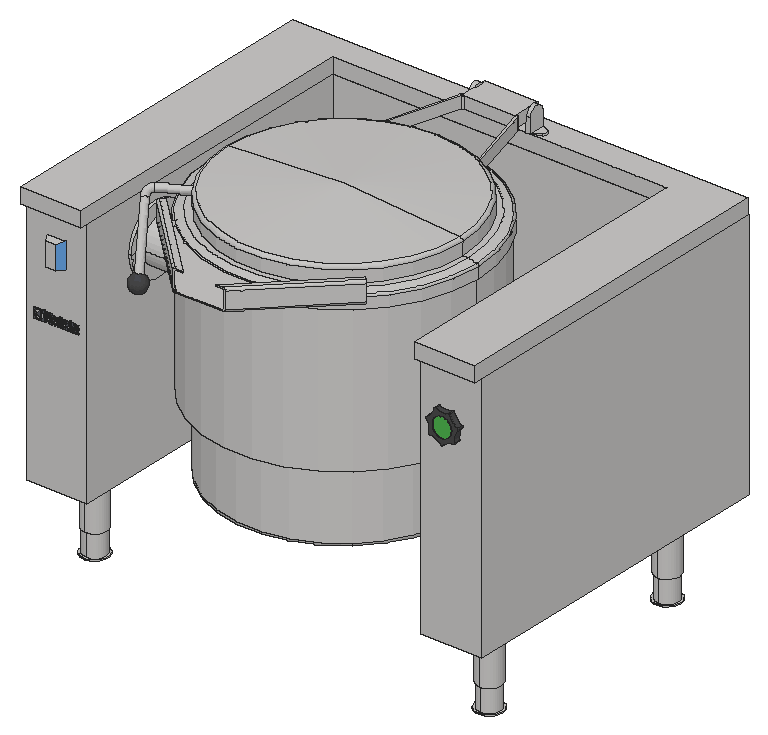
Revit family "QF_ELECTROLUXPROFESSIONAL_587188_PBOT10TCJO", category Attrezzature speciali, Revit 2020 (continued)
Definition of nested family "QF_ELECTROLUXPROFESSIONAL_PBOTSNB900_LEFT"
  Automatic sketch dimensions
    Extrusion 4 sketch curve to Extrusion 4 sketch curve = 1.476 mm  (x2)
    Extrusion 4 sketch curve to Extrusion 4 sketch curve = 1.469 mm  (x2)
    Extrusion 4 sketch curve to Extrusion 4 sketch curve = 3.728 mm
    Extrusion 4 sketch curve to Extrusion 4 sketch curve = 0.046 mm
    Extrusion 4 sketch curve to Extrusion 4 sketch curve = 0.177 mm
    Extrusion 4 sketch curve to Extrusion 4 sketch curve = 0.947 mm
    Extrusion 4 sketch curve to Extrusion 4 sketch curve = 0.308 mm
    Extrusion 4 sketch curve to Extrusion 4 sketch curve = 0.091 mm
    Extrusion 4 sketch curve to Extrusion 4 sketch curve = 2.375 mm
    Extrusion 4 sketch curve to Extrusion 4 sketch curve = 0.94 mm
    Extrusion 4 sketch curve to Extrusion 4 sketch curve = 0.54 mm
    Extrusion 4 sketch curve to Extrusion 4 sketch curve = 0.102 mm
    Extrusion 4 sketch curve to Extrusion 4 sketch curve = 0.002 mm  (x4)
    Extrusion 4 sketch curve to Extrusion 4 sketch curve = 0.105 mm
    Extrusion 4 sketch curve to Extrusion 4 sketch curve = 0.097 mm
    Extrusion 4 sketch curve to plane 3 "Center (Left/Right)" = 0.241 mm
    Extrusion 4 sketch curve to plane 3 "Center (Left/Right)" = 0.412 mm
    Extrusion 4 sketch curve to plane 3 "Center (Left/Right)" = 2.074 mm
    Extrusion 4 sketch curve to Extrusion 4 sketch curve = 1.777 mm
    Extrusion 4 sketch curve to plane 3 "Center (Left/Right)" = 2.704 mm
    Extrusion 4 sketch curve to Extrusion 4 sketch curve = 1.001 mm
    Extrusion 4 sketch curve to Extrusion 4 sketch curve = 1.393 mm  (x2)
    Extrusion 4 sketch curve to Extrusion 4 sketch curve = 2.363 mm
    Extrusion 4 sketch curve to Extrusion 4 sketch curve = 2.253 mm
    Extrusion 4 sketch curve to Extrusion 4 sketch curve = 0.014 mm  (x4)
    Extrusion 4 sketch curve to Extrusion 4 sketch curve = 0.172 mm
    Extrusion 4 sketch curve to Extrusion 4 sketch curve = 0.096 mm
    Extrusion 4 sketch curve to Extrusion 4 sketch curve = 0.164 mm
    Extrusion 4 sketch curve to Extrusion 4 sketch curve = 0.298 mm
    Extrusion 4 sketch curve to Extrusion 4 sketch curve = 0.247 mm
    Extrusion 4 sketch curve to Extrusion 4 sketch curve = 0.084 mm
    Extrusion 4 sketch curve to Extrusion 4 sketch curve = 6.484 mm
    Extrusion 4 sketch curve to Extrusion 4 sketch curve = 2.596 mm
    Extrusion 4 sketch curve to Extrusion 4 sketch curve = 0.059 mm  (x2)
    Extrusion 4 sketch curve to Extrusion 4 sketch curve = 3.889 mm
    Extrusion 4 sketch curve to Extrusion 4 sketch curve = 6.029 mm
    Extrusion 4 sketch curve to Extrusion 4 sketch curve = 0.929 mm
    Extrusion 4 sketch curve to Extrusion 4 sketch curve = 1.102 mm
    Extrusion 4 sketch curve to Extrusion 4 sketch curve = 0.756 mm  (x2)
    Extrusion 4 sketch curve to Extrusion 4 sketch curve = 0.852 mm
    Extrusion 4 sketch curve to Extrusion 4 sketch curve = 0.108 mm
    Extrusion 4 sketch curve to Extrusion 4 sketch curve = 0.101 mm
    Extrusion 4 sketch curve to Extrusion 4 sketch curve = 0.072 mm
    Extrusion 4 sketch curve to Extrusion 4 sketch curve = 1.67 mm
    Extrusion 4 sketch curve to Extrusion 4 sketch curve = 1.834 mm
    Extrusion 4 sketch curve to Extrusion 4 sketch curve = 0.366 mm
    Extrusion 4 sketch curve to Extrusion 4 sketch curve = 0.993 mm
    Extrusion 4 sketch curve to Extrusion 4 sketch curve = 0.81 mm
    Extrusion 4 sketch curve to Extrusion 4 sketch curve = 1.026 mm  (x2)
    Extrusion 4 sketch curve to Extrusion 4 sketch curve = 4.272 mm
    Extrusion 4 sketch curve to Extrusion 4 sketch curve = 0.163 mm
    Extrusion 4 sketch curve to Extrusion 4 sketch curve = 0.551 mm
    plane 14 to Extrusion 4 sketch curve = 6.023 mm
    Extrusion 4 sketch curve to Extrusion 4 sketch curve = 1.451 mm
    plane 14 to Extrusion 4 sketch curve = 5.28 mm
    Extrusion 4 sketch curve to Extrusion 4 sketch curve = 0.045 mm  (x2)
    Extrusion 4 sketch curve to Extrusion 4 sketch curve = 0.241 mm
    Extrusion 4 sketch curve to Extrusion 4 sketch curve = 0.039 mm
    Extrusion 4 sketch curve to Extrusion 4 sketch curve = 1.134 mm
    Extrusion 4 sketch curve to Extrusion 4 sketch curve = 2.351 mm
    Extrusion 4 sketch curve to plane 14 = 0.874 mm
    Extrusion 4 sketch curve to Extrusion 4 sketch curve = 10.128 mm
    Extrusion 4 sketch curve to Extrusion 4 sketch curve = 0.956 mm
    Extrusion 4 sketch curve to Extrusion 4 sketch curve = 1.263 mm
    Extrusion 4 sketch curve to Extrusion 4 sketch curve = 2.577 mm
    Extrusion 4 sketch curve to Extrusion 4 sketch curve = 0.243 mm
    Extrusion 4 sketch curve to Extrusion 4 sketch curve = 0.031 mm
    Extrusion 4 sketch curve to Extrusion 4 sketch curve = 7.148 mm
    Extrusion 4 sketch curve to Extrusion 4 sketch curve = 1.502 mm
    Extrusion 4 sketch curve to Extrusion 4 sketch curve = 11.54 mm
    Extrusion 4 sketch curve to Extrusion 4 sketch curve = 11.758 mm
    Extrusion 4 sketch curve to Extrusion 4 sketch curve = 4.097 mm
    Extrusion 4 sketch curve to Extrusion 4 sketch curve = 0.011 mm
    Extrusion 4 sketch curve to Extrusion 4 sketch curve = 4.488 mm
    plane 18 "CHW" to Extrusion 4 sketch curve = 191.223 mm
    Extrusion 4 sketch curve to Extrusion 4 sketch curve = 3.444 mm  (x2)
    Extrusion 4 sketch curve to Extrusion 4 sketch curve = 3.777 mm
    Extrusion 4 sketch curve to Extrusion 4 sketch curve = 1.093 mm
    Extrusion 4 sketch curve to Extrusion 4 sketch curve = 1.192 mm
    Extrusion 4 sketch curve to Extrusion 4 sketch curve = 0.319 mm
    Extrusion 4 sketch curve to Extrusion 4 sketch curve = 5.798 mm
    Extrusion 4 sketch curve to Extrusion 4 sketch curve = 2.021 mm
    Extrusion 4 sketch curve to Extrusion 4 sketch curve = 2.357 mm  (x3)
    Extrusion 4 sketch curve to Extrusion 4 sketch curve = 0.892 mm  (x3)
    Extrusion 4 sketch curve to Extrusion 4 sketch curve = 1.018 mm
    Extrusion 4 sketch curve to Extrusion 4 sketch curve = 3.382 mm  (x2)
    Extrusion 4 sketch curve to Extrusion 4 sketch curve = 2.117 mm
    Extrusion 4 sketch curve to Extrusion 4 sketch curve = 0.195 mm  (x2)
    Extrusion 4 sketch curve to Extrusion 4 sketch curve = 0.295 mm  (x2)
    Extrusion 4 sketch curve to Extrusion 4 sketch curve = 0.618 mm
    Extrusion 4 sketch curve to Extrusion 4 sketch curve = 0.385 mm  (x2)
    Extrusion 4 sketch curve to Extrusion 4 sketch curve = 1.626 mm  (x2)
    Extrusion 4 sketch curve to Extrusion 4 sketch curve = 1.65 mm
    Extrusion 4 sketch curve to Extrusion 4 sketch curve = 1.662 mm
    Extrusion 4 sketch curve to Extrusion 4 sketch curve = 0.013 mm  (x2)
    Extrusion 4 sketch curve to Extrusion 4 sketch curve = 0.292 mm
    Extrusion 4 sketch curve to Extrusion 4 sketch curve = 0.107 mm  (x2)
    Extrusion 4 sketch curve to Extrusion 4 sketch curve = 0.068 mm  (x2)
    Extrusion 4 sketch curve to Extrusion 4 sketch curve = 0.968 mm
    Extrusion 4 sketch curve to Extrusion 4 sketch curve = 0.365 mm
    Extrusion 4 sketch curve to Extrusion 4 sketch curve = 2.361 mm
    Extrusion 4 sketch curve to Extrusion 4 sketch curve = 2.359 mm
    Extrusion 4 sketch curve to Extrusion 4 sketch curve = 0.531 mm  (x2)
    Extrusion 4 sketch curve to Extrusion 4 sketch curve = 0.928 mm  (x2)
    Extrusion 4 sketch curve to Extrusion 4 sketch curve = 1.058 mm
    Extrusion 4 sketch curve to Extrusion 4 sketch curve = 0.297 mm  (x2)
    Extrusion 4 sketch curve to Extrusion 4 sketch curve = 0.155 mm  (x2)
    Extrusion 4 sketch curve to Extrusion 4 sketch curve = 1.305 mm
    Extrusion 4 sketch curve to Extrusion 4 sketch curve = 1.037 mm
    Extrusion 4 sketch curve to Extrusion 4 sketch curve = 0.182 mm  (x2)
    Extrusion 4 sketch curve to Extrusion 4 sketch curve = 0.607 mm  (x2)
    Extrusion 4 sketch curve to Extrusion 4 sketch curve = 0.304 mm  (x2)
    Extrusion 4 sketch curve to Extrusion 4 sketch curve = 0.372 mm  (x2)
    Extrusion 4 sketch curve to Extrusion 4 sketch curve = 0.016 mm  (x2)
    Extrusion 4 sketch curve to Extrusion 4 sketch curve = 0.996 mm
    Extrusion 4 sketch curve to Extrusion 4 sketch curve = 0.93 mm
    Extrusion 4 sketch curve to Extrusion 4 sketch curve = 0.709 mm  (x2)
    Extrusion 4 sketch curve to Extrusion 4 sketch curve = 1.752 mm
    Extrusion 4 sketch curve to Extrusion 4 sketch curve = 1.017 mm
    Extrusion 4 sketch curve to Extrusion 4 sketch curve = 4.718 mm
    Extrusion 4 sketch curve to Extrusion 4 sketch curve = 0.891 mm
    Extrusion 4 sketch curve to Extrusion 4 sketch curve = 3.826 mm
    Extrusion 4 sketch curve to Extrusion 4 sketch curve = 1.696 mm
    Extrusion 4 sketch curve to Extrusion 4 sketch curve = 0.954 mm
    Extrusion 4 sketch curve to Extrusion 4 sketch curve = 5.576 mm
    Extrusion 4 sketch curve to Extrusion 4 sketch curve = 5.657 mm  (x2)
    Extrusion 4 sketch curve to Extrusion 4 sketch curve = 5.661 mm  (x2)
    Extrusion 4 sketch curve to Extrusion 4 sketch curve = 0.006 mm
    Extrusion 4 sketch curve to Extrusion 4 sketch curve = 1.499 mm
    Extrusion 4 sketch curve to Extrusion 4 sketch curve = 7.186 mm
    Extrusion 4 sketch curve to Extrusion 4 sketch curve = 2.203 mm
    Extrusion 4 sketch curve to Extrusion 4 sketch curve = 2.21 mm
    Extrusion 4 sketch curve to Extrusion 4 sketch curve = 1.607 mm
    Extrusion 4 sketch curve to Extrusion 4 sketch curve = 3.479 mm
    Extrusion 4 sketch curve to Extrusion 4 sketch curve = 3.92 mm
    Extrusion 4 sketch curve to Extrusion 4 sketch curve = 0.05 mm
    Extrusion 4 sketch curve to Extrusion 4 sketch curve = 1.776 mm
    Extrusion 4 sketch curve to Extrusion 4 sketch curve = 4.017 mm
    Extrusion 4 sketch curve to Extrusion 4 sketch curve = 0.196 mm  (x2)
    Extrusion 4 sketch curve to Extrusion 4 sketch curve = 0.19 mm
    Extrusion 4 sketch curve to Extrusion 4 sketch curve = 1.312 mm
    Extrusion 4 sketch curve to Extrusion 4 sketch curve = 0.146 mm
    Extrusion 4 sketch curve to Extrusion 4 sketch curve = 2.831 mm
    Extrusion 4 sketch curve to Extrusion 4 sketch curve = 0.387 mm
    Extrusion 4 sketch curve to Extrusion 4 sketch curve = 0.174 mm
    Extrusion 4 sketch curve to Extrusion 4 sketch curve = 4.623 mm
    Extrusion 4 sketch curve to Extrusion 4 sketch curve = 1.754 mm
    Extrusion 4 sketch curve to Extrusion 4 sketch curve = 0.188 mm
    Extrusion 4 sketch curve to Extrusion 4 sketch curve = 0.02 mm
    Extrusion 4 sketch curve to Extrusion 4 sketch curve = 0.313 mm
    Extrusion 4 sketch curve to Extrusion 4 sketch curve = 0.12 mm
    Extrusion 4 sketch curve to Extrusion 4 sketch curve = 0.062 mm
    Extrusion 4 sketch curve to Extrusion 4 sketch curve = 0.568 mm
    Extrusion 4 sketch curve to Extrusion 4 sketch curve = 1.763 mm
    Extrusion 4 sketch curve to Extrusion 4 sketch curve = 0.095 mm
    Extrusion 4 sketch curve to Extrusion 4 sketch curve = 1.817 mm
    Extrusion 4 sketch curve to Extrusion 4 sketch curve = 0.357 mm
    Extrusion 4 sketch curve to Extrusion 4 sketch curve = 0.008 mm
    Extrusion 4 sketch curve to Extrusion 4 sketch curve = 0.36 mm
    Extrusion 4 sketch curve to Extrusion 4 sketch curve = 3.784 mm
    Extrusion 4 sketch curve to Extrusion 4 sketch curve = 1.654 mm
    Extrusion 4 sketch curve to Extrusion 4 sketch curve = 1.454 mm
    Extrusion 4 sketch curve to Extrusion 4 sketch curve = 1.705 mm
    Extrusion 4 sketch curve to Extrusion 4 sketch curve = 1.893 mm
    Extrusion 4 sketch curve to Extrusion 4 sketch curve = 3.429 mm
    Extrusion 4 sketch curve to Extrusion 4 sketch curve = 1.094 mm
    Extrusion 4 sketch curve to Extrusion 4 sketch curve = 2.218 mm
    Extrusion 4 sketch curve to Extrusion 4 sketch curve = 1.404 mm
    Extrusion 4 sketch curve to Extrusion 4 sketch curve = 5.763 mm
    Extrusion 4 sketch curve to Extrusion 4 sketch curve = 2.932 mm  (x2)
    Extrusion 4 sketch curve to Extrusion 4 sketch curve = 5.959 mm
    Extrusion 4 sketch curve to Extrusion 4 sketch curve = 1.424 mm
    Extrusion 4 sketch curve to Extrusion 4 sketch curve = 3.23 mm
    Extrusion 4 sketch curve to Extrusion 4 sketch curve = 1.975 mm
    Extrusion 4 sketch curve to Extrusion 4 sketch curve = 3.779 mm
    Extrusion 4 sketch curve to Extrusion 4 sketch curve = 2.212 mm
    Extrusion 4 sketch curve to Extrusion 4 sketch curve = 3.78 mm
    Extrusion 4 sketch curve to Extrusion 4 sketch curve = 1.279 mm
    Extrusion 4 sketch curve to Extrusion 4 sketch curve = 1.343 mm  (x2)
    Extrusion 4 sketch curve to Extrusion 4 sketch curve = 1.353 mm  (x2)
    Extrusion 4 sketch curve to Extrusion 4 sketch curve = 0.027 mm  (x2)
    Extrusion 4 sketch curve to Extrusion 4 sketch curve = 0.395 mm  (x2)
    Extrusion 4 sketch curve to Extrusion 4 sketch curve = 0.329 mm  (x2)
    Extrusion 4 sketch curve to Extrusion 4 sketch curve = 0.425 mm  (x2)
    Extrusion 4 sketch curve to Extrusion 4 sketch curve = 0.051 mm  (x2)
    Extrusion 4 sketch curve to Extrusion 4 sketch curve = 0.495 mm  (x2)
    Extrusion 4 sketch curve to Extrusion 4 sketch curve = 0.267 mm  (x2)
    Extrusion 4 sketch curve to Extrusion 4 sketch curve = 1.4 mm
    Extrusion 4 sketch curve to Extrusion 4 sketch curve = 5.233 mm
    Extrusion 4 sketch curve to Extrusion 4 sketch curve = 2.062 mm
    Extrusion 5 sketch curve to plane 13 "HW_CW" = 0.0 mm  (x2)
    Extrusion 5 sketch curve to plane 15 = 0.0 mm
    Extrusion 5 sketch curve to plane 14 = 0.0 mm
    Extrusion 6 sketch curve to plane 3 "Center (Left/Right)" = 0.0 mm
    Extrusion 6 sketch curve to plane 16 "SteamO" = 0.0 mm
    Extrusion 7 sketch curve to plane 3 "Center (Left/Right)" = 0.0 mm
    Extrusion 7 sketch curve to plane 17 "STEAM" = 0.0 mm
    radius of Extrusion 2 sketch curve = 6.35 mm  (x2)
    radius of Extrusion 4 sketch curve = 2.453 mm
    radius of Extrusion 4 sketch curve = 1.557 mm
    radius of Extrusion 4 sketch curve = 1.468 mm
    radius of Extrusion 4 sketch curve = 2.451 mm
    radius of Extrusion 5 sketch curve = 5.0 mm  (x2)
    radius of Extrusion 6 sketch curve = 12.7 mm
    radius of Extrusion 7 sketch curve = 12.7 mm
Definition of nested family "QF_ELECTROLUXPROFESSIONAL_PBOTSMAN900_RIGHT"
  Parameters
    Width = 160.0 mm
    Steam_z = 140.0 mm
    Steam_y = 239.0 mm
    Right = Width / 2  # 80.0 mm
    Default Elevation = 0.0 mm
    Left = -Width / 2  # -80.0 mm
    Htop = 40.0 mm
    Height = 900.0 mm
    H_Man = 730.0 mm
    HBase = 200.0 mm
    EI_z = 250.0 mm
    EI_y = 312.0 mm
    Depth = 900.0 mm
    BorderFront = 20.0 mm
    Body Finish [instance] = none
  Reference planes
    plane 1 "Center (Front/Back)": y = 0
    plane 2: z = 0
    plane 3 "Center (Left/Right)": x = 0
    plane 4 "LEFT": x = -80
    plane 5 "RIGHT": x = 80
    plane 6 "BACK": y = 450
    plane 7 "FRONT": y = -450
    plane 8 "Base": z = 200
    plane 9 "TOP": z = 900
    plane 10 "BorderFront": y = -430
    plane 11: z = 860
    plane 12 "EI": z = 450
    plane 13: y = 138
    plane 14 "STEAM_y": y = 211
    plane 15 "Steam_z": z = 340
    plane 16: z = 730
  Forms (mm)
    Extrusion 1, solid
      sketch origin (0, 0, 0) x (1, 0, 0) y (0, 1, 0)
        loop
          line (-80, 450) -> (-80, -430) -> (80, -430) -> (80, 450) -> (-80, 450)
      from 860 to 200
    Extrusion 2, solid
      sketch origin (0, -430, 0) x (-1, 0, 0) y (0, 0, 1)
        loop
          circle (0, 730) r 20
      from 0 to -15
    Extrusion 3, solid
      sketch origin (0, 450, 0) x (-1, 0, 0) y (0, 0, 1)
        loop
          circle (0, 450) r 5
      from 0 to 2
    Extrusion 4, solid
      sketch origin (0, 0, 200) x (0, 1, 0) y (-1, 0, 0)
        loop
          circle (138, 0) r 10
      from 0 to -3
    Extrusion 5, solid
      sketch origin (0, 0, 200) x (0, 1, 0) y (-1, 0, 0)
        loop
          circle (211, 0) r 12.7
      from 0 to -3
    Extrusion 6, solid
      sketch origin (0, 450, 0) x (-1, 0, 0) y (0, 0, 1)
        loop
          circle (0, 340) r 12.7
      from 0 to 3
    Extrusion 7, solid
      sketch origin (0, -430, 0) x (-1, 0, 0) y (0, 0, 1)
        loop
          circle (0, 730) r 25
        loop
          arc (32.154, 702.068) -> (34.039, 703.003) -> (34.542, 705.047) r 2.5
          arc (34.542, 705.047) -> (34.866, 722.153) -> (42.205, 737.608) r 40.622
          arc (42.205, 737.608) -> (42.662, 739.682) -> (41.359, 741.359) r 2.5
          arc (41.359, 741.359) -> (27.929, 752.374) -> (20.328, 767.992) r 40.622
          arc (20.328, 767.992) -> (18.977, 769.659) -> (16.832, 769.665) r 2.5
          arc (16.832, 769.665) -> (-0.034, 765.787) -> (-16.984, 769.281) r 40.622
          arc (-16.984, 769.281) -> (-19.093, 769.244) -> (-20.423, 767.608) r 2.5
          arc (-20.423, 767.608) -> (-28.052, 752.219) -> (-41.359, 741.359) r 40.622
          arc (-41.359, 741.359) -> (-42.662, 739.682) -> (-42.205, 737.608) r 2.5
          arc (-42.205, 737.608) -> (-34.866, 722.153) -> (-34.542, 705.047) r 40.622
          arc (-34.542, 705.047) -> (-34.039, 703.003) -> (-32.154, 702.068) r 2.5
          arc (-32.154, 702.068) -> (-15.447, 697.989) -> (-1.926, 687.362) r 40.622
          arc (-1.926, 687.362) -> (0, 686.456) -> (1.926, 687.362) r 2.5
          arc (1.926, 687.362) -> (15.447, 697.989) -> (32.154, 702.068) r 40.622
      from -15 to -30
    Extrusion 8, solid
      sketch origin (0, -430, 0) x (-1, 0, 0) y (0, 0, 1)
        loop
          circle (0, 730) r 25
      from -30 to -15
  Lines and regions (mm)
    symbolic lines
      curve 1: line (-80, 450, 0) -> (80, 450, 0)
      curve 2: line (80, 450, 0) -> (80, -430, 0)
  Dimensions and locks
    "Width": plane 4 "LEFT" to plane 5 "RIGHT"
    equal spacing: plane 4 "LEFT", plane 3 "Center (Left/Right)", plane 5 "RIGHT"
    equal spacing: plane 6 "BACK", plane 1 "Center (Front/Back)", plane 7 "FRONT"
    "Depth": plane 6 "BACK" to plane 7 "FRONT"
    "BorderFront": plane 10 "BorderFront" to plane 7 "FRONT"
    "Htop": plane 9 "TOP" to plane 11
    "Height": plane 9 "TOP" to level
    "HBase": plane 8 "Base" to level
    "EI_y": plane 6 "BACK" to plane 13
    "EI_z": plane 12 "EI" to plane 8 "Base"
    "Steam_y": plane 6 "BACK" to plane 14 "STEAM_y"
    plane 15 "Steam_z" to plane 8 "Base" = 140.0 mm
    "H_Man": plane 16 to level
    aligned and locked: level to plane 2
    aligned and locked: plane 10 "BorderFront" to Extrusion 1 sketch curve
    aligned and locked: plane 11 to Extrusion 1
    aligned and locked: Extrusion 1 to plane 8 "Base"
    aligned and locked: plane 4 "LEFT" to Extrusion 1 sketch curve
    aligned and locked: Extrusion 1 sketch curve to plane 5 "RIGHT"
    aligned and locked: Extrusion 1 sketch curve to plane 6 "BACK"
  Automatic sketch dimensions
    Extrusion 3 sketch curve to plane 3 "Center (Left/Right)" = 0.0 mm
    Extrusion 3 sketch curve to plane 12 "EI" = 0.0 mm
    curve 1 to plane 4 "LEFT" = 0.0 mm
    curve 1 to plane 5 "RIGHT" = 0.0 mm
    curve 2 to plane 10 "BorderFront" = 0.0 mm
    curve 1 to plane 6 "BACK" = 0.0 mm
    Extrusion 4 sketch curve to plane 3 "Center (Left/Right)" = 0.0 mm
    Extrusion 4 sketch curve to plane 13 = 0.0 mm
    Extrusion 5 sketch curve to plane 3 "Center (Left/Right)" = 0.0 mm
    Extrusion 5 sketch curve to plane 14 "STEAM_y" = 0.0 mm
    Extrusion 6 sketch curve to plane 3 "Center (Left/Right)" = 0.0 mm
    Extrusion 6 sketch curve to plane 15 "Steam_z" = 0.0 mm
    Extrusion 2 sketch curve to plane 3 "Center (Left/Right)" = 0.0 mm
    Extrusion 2 sketch curve to plane 16 = 0.0 mm
    Extrusion 7 sketch curve to plane 3 "Center (Left/Right)" = 0.0 mm  (x2)
    Extrusion 7 sketch curve to plane 16 = 0.0 mm
    plane 3 "Center (Left/Right)" to Extrusion 7 sketch curve = 0.496 mm
    plane 3 "Center (Left/Right)" to Extrusion 7 sketch curve = 17.999 mm
    plane 3 "Center (Left/Right)" to Extrusion 7 sketch curve = 32.088 mm
    plane 3 "Center (Left/Right)" to Extrusion 7 sketch curve = 33.218 mm
    plane 16 to Extrusion 7 sketch curve = 9.132 mm  (x2)
    Extrusion 7 sketch curve to Extrusion 7 sketch curve = 8.135 mm  (x2)
    Extrusion 7 sketch curve to plane 5 "RIGHT" = 20.191 mm
    Extrusion 7 sketch curve to plane 5 "RIGHT" = 5.593 mm
    Extrusion 7 sketch curve to plane 3 "Center (Left/Right)" = 17.898 mm
    Extrusion 7 sketch curve to plane 3 "Center (Left/Right)" = 32.088 mm
    Extrusion 7 sketch curve to plane 3 "Center (Left/Right)" = 33.218 mm
    plane 4 "LEFT" to Extrusion 7 sketch curve = 20.191 mm
    plane 4 "LEFT" to Extrusion 7 sketch curve = 5.593 mm
    Extrusion 7 sketch curve to plane 16 = 17.153 mm  (x2)
    Extrusion 7 sketch curve to plane 16 = 25.433 mm  (x2)
    Extrusion 7 sketch curve to Extrusion 7 sketch curve = 15.61 mm
    Extrusion 7 sketch curve to Extrusion 7 sketch curve = 27.496 mm
    Extrusion 7 sketch curve to Extrusion 7 sketch curve = 27.864 mm
    Extrusion 7 sketch curve to Extrusion 7 sketch curve = 0.408 mm
    Extrusion 7 sketch curve to Extrusion 7 sketch curve = 10.145 mm
    plane 3 "Center (Left/Right)" to Extrusion 7 sketch curve = 1.926 mm
    Extrusion 7 sketch curve to Extrusion 7 sketch curve = 0.0 mm  (x13)
    Extrusion 7 sketch curve to Extrusion 7 sketch curve = 1.015 mm
    Extrusion 7 sketch curve to Extrusion 7 sketch curve = 1.136 mm
    Extrusion 7 sketch curve to Extrusion 7 sketch curve = 1.982 mm
    Extrusion 8 sketch curve to plane 3 "Center (Left/Right)" = 0.0 mm
    Extrusion 8 sketch curve to plane 16 = 0.0 mm
    radius of Extrusion 3 sketch curve = 5.0 mm
    radius of Extrusion 4 sketch curve = 10.0 mm
    radius of Extrusion 5 sketch curve = 12.7 mm
    radius of Extrusion 6 sketch curve = 12.7 mm
    radius of Extrusion 2 sketch curve = 20.0 mm
    radius of Extrusion 7 sketch curve = 25.0 mm
    radius of Extrusion 8 sketch curve = 25.0 mm
Definition of nested family "QF_ELECTROLUXPROFESSIONAL_2FEET_THL_120xH200"
  Parameters
    Width = 120.0 mm
    Right = Width / 2  # 60.0 mm
    Default Elevation = 0.0 mm
    Left = -Width / 2  # -60.0 mm
    Height = 200.0 mm
    HBase = Height - 15.0 mm  # 185.0 mm
    Depth = 880.0 mm
  Reference planes
    plane 1 "Center (Front/Back)": y = 0
    plane 2: z = 0
    plane 3 "Center (Left/Right)": x = 0
    plane 4 "LEFT": x = -60
    plane 5 "RIGHT": x = 60
    plane 6 "BACK": y = 440
    plane 7 "FRONT": y = -440
    plane 8 "Base": z = 185
    plane 9 "TOP": z = 200
    plane 10: y = 283
    plane 11: y = -304
    plane 12: y = 368
    plane 13: y = -388
    plane 14: x = -80
  Forms (mm)
    Extrusion 1, solid
      sketch origin (0, 0, 200) x (0, 1, 0) y (-1, 0, 0)
        loop
          line (368, 60) -> (-388, 60) -> (-388, -60) -> (368, -60) -> (368, 60)
      from 0 to -15
    Revolve 2, solid
      sketch origin (0, 0, 0) x (0, 1, 0) y (0, 0, 1)
        loop
          line (283, 0) -> (318, 0) -> (318, 2) -> (311.179, 2) -> (311.179, 63) -> (314.75, 63) -> (314.75, 185) -> (283, 185) -> (283, 0)
        axis (283, 185) -> (283, 0)
      angle from 0 to 360
    Revolve 3, solid
      sketch origin (0, 0, 0) x (0, 1, 0) y (0, 0, 1)
        loop
          line (-304, 185) -> (-304, 0) -> (-269, 0) -> (-269, 2) -> (-275.821, 2) -> (-275.821, 63) -> (-272.25, 63) -> (-272.25, 185) -> (-304, 185)
        axis (-304, 185) -> (-304, 0)
      angle from 0 to 360
  Dimensions and locks
    "Width": plane 4 "LEFT" to plane 5 "RIGHT"
    equal spacing: plane 4 "LEFT", plane 3 "Center (Left/Right)", plane 5 "RIGHT"
    equal spacing: plane 6 "BACK", plane 1 "Center (Front/Back)", plane 7 "FRONT"
    "Depth": plane 6 "BACK" to plane 7 "FRONT"
    "HBase": plane 8 "Base" to level
    "Height": plane 9 "TOP" to level
    locked: plane 6 "BACK" to plane 10 at 157
    locked: plane 10 to plane 11 at 587
    plane 6 "BACK" to plane 12 = 72.0 mm
    plane 13 to plane 7 "FRONT" = 52.0 mm
    plane 12 to plane 13 = 756.0 mm
    plane 14 to plane 3 "Center (Left/Right)" = 80.0 mm
    aligned and locked: level to plane 2
    aligned and locked: Extrusion 1 sketch curve to plane 5 "RIGHT"
    aligned and locked: plane 4 "LEFT" to Extrusion 1 sketch curve
    aligned and locked: Extrusion 1 to plane 8 "Base"
    aligned and locked: Extrusion 1 sketch curve to plane 12
    aligned and locked: plane 13 to Extrusion 1 sketch curve
  Automatic sketch dimensions
    Revolve 2 sketch curve to level = 0.0 mm
    Revolve 2 sketch curve to plane 10 = 0.0 mm  (x2)
    Revolve 2 sketch curve to plane 8 "Base" = 0.0 mm
    plane 10 to Revolve 2 sketch curve = 28.179 mm
    Revolve 2 sketch curve to Revolve 2 sketch curve = 31.75 mm
    Revolve 2 sketch curve to Revolve 2 sketch curve = 6.821 mm
    level to Revolve 2 sketch curve = 2.0 mm
    Revolve 2 sketch curve to Revolve 2 sketch curve = 61.0 mm
    Revolve 2 sketch curve to level = 50.0 mm
    plane 9 "TOP" to Revolve 2 sketch curve = 70.0 mm
    Revolve 3 sketch curve to plane 11 = 0.0 mm
    Revolve 3 sketch curve to level = 0.0 mm
    Revolve 3 sketch curve to plane 10 = 587.0 mm
    Revolve 3 sketch curve to plane 8 "Base" = 0.0 mm
    Revolve 3 sketch curve to plane 10 = 558.821 mm
    Revolve 3 sketch curve to Revolve 3 sketch curve = 3.571 mm
    Revolve 3 sketch curve to Revolve 3 sketch curve = 6.821 mm
    level to Revolve 3 sketch curve = 2.0 mm
    Revolve 3 sketch curve to Revolve 3 sketch curve = 61.0 mm
    Revolve 3 sketch curve to level = 180.0 mm
    plane 9 "TOP" to Revolve 3 sketch curve = 205.0 mm
Definition of nested family "QF_ELECTROLUXPROFESSIONAL_PBOT900_LEVEL1"
  Parameters
    Default Elevation = 0.0 mm
    Assembly Code = ""
  Reference planes
    plane 1 "Center (Front/Back)": y = 0
    plane 2: z = 0
    plane 3 "Center (Left/Right)": x = 0
  Forms (mm)
    Sweep 1, solid
      path origin (0, 0, 0) x (1, 0, 0) y (0, 0.5, 0.866025)
        loop
          line (0, 0) -> (-80, 0)
          arc (-80, 0) -> (-94.142, -5.858) -> (-100, -20) r 20
          line (-100, -20) -> (-100, -200)
      profile origin (-40, 0, 0) x (0, -0.5, -0.866025) y (0, -0.866025, 0.5)
        loop
          circle (0, 0) r 9
    Revolve 2, solid
      sketch origin (-20, 0, 0) x (1, 0, 0) y (0, 0.5, 0.866025)
        loop
          arc (-57.5, -200) -> (-80, -177.5) -> (-102.5, -200) r 22.5
          line (-102.5, -200) -> (-57.5, -200)
        axis (-102.5, -200) -> (-57.5, -200)
      angle from 0 to 360
  Lines and regions (mm)
    symbolic lines
      curve 1: line (0, -9, 0) -> (-80, -9, 0)
      curve 2: line (0, 9, 0) -> (-80, 9, 0)
      curve 3: line (-91, -80, 0) -> (-91, -15, 0)
      curve 4: line (-109, -80, 0) -> (-109, -10, 0)
      curve 5: arc (-109, -10, 0) -> (-97.335, 3.827, 0) -> (-80, 9, 0) r 31.632
      curve 6: arc (-91, -15, 0) -> (-86.265, -10.598, 0) -> (-80, -9, 0) r 13.083
      curve 7: spline (-77.953, -100, 0) -> (-78.704, -94.175, 0) -> (-80.907, -88.747, 0) -> (-84.41, -84.087, 0) -> (-88.977, -80.51, 0) -> (-94.294, -78.262, 0) -> (-100, -77.495, 0) -> (-105.706, -78.262, 0) -> (-111.023, -80.51, 0) -> (-115.59, -84.087, 0) -> (-119.093, -88.747, 0) -> (-121.296, -94.175, 0) -> (-122.047, -100, 0) -> (-121.296, -105.825, 0) -> (-119.093, -111.253, 0) -> (-115.59, -115.913, 0) -> (-111.023, -119.49, 0) -> (-105.706, -121.738, 0) -> (-100, -122.505, 0) -> (-94.294, -121.738, 0) -> (-88.977, -119.49, 0) -> (-84.41, -115.913, 0) -> (-80.907, -111.253, 0) -> (-78.704, -105.825, 0) -> (-77.953, -100, 0)
  Dimensions and locks
    aligned and locked: level to plane 2
